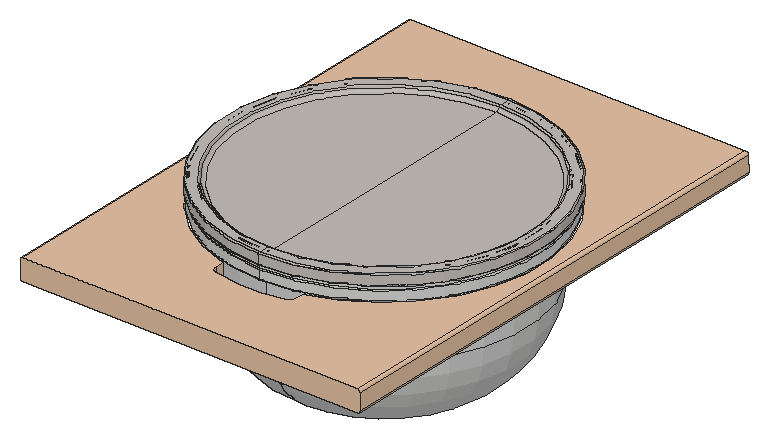
Revit family "Accessory-Bowl_Set-KOHLER-K-37922-1", category Specialty Equipment, host Face, Revit 2022
Family settings
  Host = Face
  Round Connector Dimension = Use Diameter
  Part Type = Normal
  OmniClass Number = 23.31.25.00
  Cut with Voids When Loaded = No
  Maintain Annotation Orientation = No
  Shared = No
  Room Calculation Point = No
Parameters (values of type "MPL, NA-Stainless")
  Width = 11 1/2"  # constant formula
  WaterSense Certified = 1 = 0  # no
  URL = "https://www.us.kohler.com/us/"
  Type = 3
  Secondary Finish = Kohler-Wood-1WR-Natural_Maple
  Product Page URL = "http://www.us.kohler.com/us/catalog/productDetails.jsp?productNumber=37922-WHK"
  Product Name = ""
  Product Documentation Link = "https://www.us.kohler.com/webassets/kpna/catalog/pdf/en/K-37922-WHK_spec_US-CA_Kohler_en.pdf"
  Model = if(Type = 1, "K-37922-PAP-NA", if(Type = 2, "K-37922-WAL-NA", if(Type = 3, "K-37922-WHK-NA", "NA")))  # "K-37922-WHK-NA"
  Material = "Stainless Steel"  # constant formula
  Master Format 2014 Name = "Toilet, Bath, and Laundry Accessories"  # constant formula
  Master Format 2014 = "10 28 00"  # constant formula
  Manufacturer Address = "444 Highland Dr, Kohler, WI 53044"  # constant formula
  Manufacturer = "Kohler Co."  # constant formula
  Length = 16.39016"  # constant formula
  Height = 6.02323"  # constant formula
  Finish = Kohler-Metal-NA-Stainless
  Environmental Product Declaration = ""
  Description = "Salad Bowl Set"  # constant formula
  Default Elevation = 42"
  Declare Label = ""
  Date Modified = "15/12/2024"  # constant formula
  Date Created = "15/12/2024"  # constant formula
  Copyright = "Copyright Kohler Co."  # constant formula
  Contact Us = "https://www.us.kohler.com/us/static/contact.jsp"
  Assembly Code = "C1030200"
  ADA Compliant = 1 = 0  # no
Types (5): name | Type | Secondary Finish | Product Page URL | Product Documentation Link | Model
  (no name) | 3 | Kohler-Wood-1WR-Natural_Maple | "http://www.us.kohler.com/us/catalog/productDetails.jsp?productNumber=37922-WHK" | "https://www.us.kohler.com/webassets/kpna/catalog/pdf/en/K-37922-WHK_spec_US-CA_Kohler_en.pdf" | "K-37922-WHK-NA"
  PAP, NA-Stainless Steel | 1 | KOHLER-Paper_Composite-Slate-Black | "http://www.us.kohler.com/us/catalog/productDetails.jsp?productNumber=37922-PAP" | "https://www.us.kohler.com/webassets/kpna/catalog/pdf/en/K-37922-PAP_spec_US-CA_Kohler_en.pdf" | "K-37922-PAP-NA"
  WAL, NA-Stainless Steel | 2 | Kohler-Wood-Walnut | "http://www.us.kohler.com/us/catalog/productDetails.jsp?productNumber=37922-WAL" | "https://www.us.kohler.com/webassets/kpna/catalog/pdf/en/K-37922-WAL_spec_US-CA_Kohler_en.pdf" | "K-37922-WAL-NA"
  WHK, NA-Stainless Steel | 3 | Kohler-Wood-White_Oak | "http://www.us.kohler.com/us/catalog/productDetails.jsp?productNumber=37922-WHK" | "https://www.us.kohler.com/webassets/kpna/catalog/pdf/en/K-37922-WHK_spec_US-CA_Kohler_en.pdf" | "K-37922-WHK-NA"
  MPL, NA-Stainless | 3 | Kohler-Wood-1WR-Natural_Maple | "http://www.us.kohler.com/us/catalog/productDetails.jsp?productNumber=37922-WHK" | "https://www.us.kohler.com/webassets/kpna/catalog/pdf/en/K-37922-WHK_spec_US-CA_Kohler_en.pdf" | "K-37922-WHK-NA"
Reference planes (in)
  plane 1 "Center (Front/Back)": y = 0
  plane 2: z = 0
  plane 3 "Center (Left/Right)": x = 0
  plane 4: z = 5.15447
  plane 5: z = 4.4343
  plane 6: z = 6.02323
  plane 7: x = -5.75
  plane 8: x = 5.75
  plane 9: y = 8.19508
  plane 10: y = -8.19508
Dimensions and locks (in)
  "Width": plane 7 to plane 8
  "Length": plane 9 to plane 10
  equal spacing: plane 9, plane 1 "Center (Front/Back)", plane 10
  equal spacing: plane 7, plane 3 "Center (Left/Right)", plane 8
  plane 4 to plane 5 = 0.72017"
  "Height": plane 6 to level
  aligned and locked: plane 2 to host face
  aligned and locked: level to host face
  aligned and locked: plane 3 "Center (Left/Right)" to nested 1
  aligned and locked: plane 1 "Center (Front/Back)" to nested 1
Automatic sketch dimensions
  host sketch curve to host sketch curve = 96"  (x2)
Nested families (in)
  nested 1: "K-37922" at (0, 0, 0), type "K-37922"
Definition of nested family "K-37922"
  Parameters (values of type "K-37922")
    Secondary Finish = none
    Material = none
    Default Elevation = 0"
  Reference planes (in)
    plane 1 "Center (Front/Back)": y = 0
    plane 2: z = 0
    plane 3 "Center (Left/Right)": x = 0
    plane 4: z = 5.15447
    plane 5: z = 6.02316
    plane 6: x = -5.75006
    plane 7: x = 5.75006
    plane 8: z = 4.4343
    plane 9: y = 8.19509
    plane 10: y = 5.31083
    plane 11: y = -8.19509
    plane 12: y = -5.31083
  Forms (in)
    Extrusion 1, solid, material <- "Secondary Finish", detail levels medium+fine
      sketch origin (0, 0, 0) x (1, 0, 0) y (0, 0, 1)
        loop
          arc (-5.65011, 5.15447) -> (-5.72116, 5.12503) -> (-5.75059, 5.05398) r 0.10049
          line (-5.75059, 5.05398) -> (-5.75059, 4.53629)
          arc (-5.75059, 4.53629) -> (-5.72072, 4.46417) -> (-5.6486, 4.4343) r 0.10199
          line (-5.6486, 4.4343) -> (5.64769, 4.4343)
          arc (5.64769, 4.4343) -> (5.72008, 4.46428) -> (5.75006, 4.53666) r 0.10236
          line (5.75006, 4.53666) -> (5.75006, 5.0521)
          arc (5.75006, 5.0521) -> (5.72008, 5.12448) -> (5.64769, 5.15447) r 0.10236
          line (5.64769, 5.15447) -> (-5.65011, 5.15447)
      from -8.19509 to 8.19509
    Extrusion 2, void
      sketch origin (0, 0, 0) x (1, 0, 0) y (0, 1, 0)
        loop
          arc (-1.34376, 5.13516) -> (-5.30806, 0) -> (-1.34376, -5.13516) r 5.30806
          line (-1.34376, -5.13516) -> (-1.34376, -5.42197)
          arc (-1.34376, -5.42197) -> (-1.28943, -5.57523) -> (-1.15071, -5.66005) r 0.24333
          arc (-1.15071, -5.66005) -> (0.01792, -5.77955) -> (1.18547, -5.64995) r 5.54003
          arc (1.18547, -5.64995) -> (1.30031, -5.56074) -> (1.34376, -5.42197) r 0.24333
          line (1.34376, -5.42197) -> (1.34376, -5.13516)
          arc (1.34376, -5.13516) -> (5.30806, 0) -> (1.34376, 5.13516) r 5.30806
          line (1.34376, 5.13516) -> (1.34376, 5.42197)
          arc (1.34376, 5.42197) -> (1.30031, 5.56074) -> (1.18547, 5.64995) r 0.24333
          arc (1.18547, 5.64995) -> (0.01792, 5.77955) -> (-1.15071, 5.66005) r 5.54003
          arc (-1.15071, 5.66005) -> (-1.28943, 5.57523) -> (-1.34376, 5.42197) r 0.24333
          line (-1.34376, 5.42197) -> (-1.34376, 5.13516)
      from 4.01886 to 6.48618
    Revolve 3, solid
      sketch origin (0, 0, 0) x (0, 1, 0) y (0, 0, 1)
        loop
          line (5.27419, 6.02288) -> (4.9265, 6.02288)
          arc (4.9265, 6.02288) -> (4.89227, 6.01035) -> (4.87422, 5.97869) r 0.05301
          arc (4.87422, 5.97869) -> (4.82803, 5.89765) -> (4.74043, 5.86558) r 0.13569
          line (4.74043, 5.86558) -> (0, 5.86558) -> (0, 5.77585) -> (4.75974, 5.77585)
          arc (4.75974, 5.77585) -> (4.8647, 5.80761) -> (4.93442, 5.89224) r 0.18927
          arc (4.93442, 5.89224) -> (4.95373, 5.91567) -> (4.98278, 5.92446) r 0.0524
          line (4.98278, 5.92446) -> (5.20005, 5.92446)
          arc (5.20005, 5.92446) -> (5.23153, 5.91142) -> (5.24457, 5.87995) r 0.04452
          line (5.24457, 5.87995) -> (5.24457, 5.64878) -> (5.2869, 5.64878)
          arc (5.2869, 5.64878) -> (5.30148, 5.65481) -> (5.30751, 5.66939) r 0.02061
          line (5.30751, 5.66939) -> (5.30751, 5.98956)
          arc (5.30751, 5.98956) -> (5.29776, 6.01312) -> (5.27419, 6.02288) r 0.03332
        axis (0, 5.64878) -> (0, 6.02288)
      angle from 0 to 360
    Revolve 4, solid, material <- "Material", detail levels medium+fine
      sketch origin (0, 0, 0) x (0, 1, 0) y (0, 0, 1)
        loop
          arc (5.24413, 5.87857) -> (5.23067, 5.91107) -> (5.19818, 5.92453) r 0.04595
          line (5.19818, 5.92453) -> (4.97941, 5.92453)
          arc (4.97941, 5.92453) -> (4.94641, 5.91153) -> (4.93115, 5.87952) r 0.04838
          line (4.93115, 5.87952) -> (4.76084, 3.44404)
          arc (4.76084, 3.44404) -> (3.76693, 1.36027) -> (1.61891, 0.51414) r 3.14961
          line (1.61891, 0.51414) -> (0, 0.51414) -> (0, 0.47435) -> (1.72948, 0.47435)
          arc (1.72948, 0.47435) -> (3.8291, 1.30141) -> (4.80061, 3.33823) r 3.07863
          line (4.80061, 3.33823) -> (4.97816, 5.87734) -> (5.19512, 5.87734) -> (5.19512, 5.54092) -> (5.24413, 5.54092) -> (5.24413, 5.87857)
        axis (0, 0.47435) -> (0, 5.92453)
      angle from 0 to 360
    Revolve 5, solid, material <- "Material", detail levels medium+fine
      sketch origin (0, 0, 0) x (0, 1, 0) y (0, 0, 1)
        loop
          arc (5.24464, 5.48815) -> (5.22918, 5.52546) -> (5.19187, 5.54092) r 0.05277
          line (5.19187, 5.54092) -> (5.02597, 5.54092)
          arc (5.02597, 5.54092) -> (4.987, 5.52557) -> (4.96897, 5.48777) r 0.05714
          line (4.96897, 5.48777) -> (4.80313, 3.11622)
          arc (4.80313, 3.11622) -> (3.75942, 0.92802) -> (1.50375, 0.03949) r 3.30744
          line (1.50375, 0.03949) -> (0, 0.03949) -> (0, 0) -> (1.5086, 0)
          arc (1.5086, 0) -> (3.79267, 0.90069) -> (4.84724, 3.11792) r 3.34646
          line (4.84724, 3.11792) -> (5.01033, 5.50036) -> (5.2047, 5.50036) -> (5.2047, 5.17498)
          arc (5.2047, 5.17498) -> (5.22467, 5.15501) -> (5.24464, 5.17498) r 0.01997
          line (5.24464, 5.17498) -> (5.24464, 5.48815)
        axis (0, 5.54092) -> (0, 0)
      angle from 0 to 360
    Extrusion 6, solid, material <- "Secondary Finish", detail levels coarse
      sketch origin (0, 0, 0) x (1, 0, 0) y (0, 1, 0)
        loop
          arc (-1.34376, 5.1351) -> (-5.30806, -0.00005) -> (-1.34376, -5.13521) r 5.30806
          line (-1.34376, -5.13521) -> (-1.34376, -5.42202)
          arc (-1.34376, -5.42202) -> (-1.28943, -5.57528) -> (-1.15071, -5.6601) r 0.24333
          arc (-1.15071, -5.6601) -> (0.01792, -5.7796) -> (1.18547, -5.65) r 5.54003
          arc (1.18547, -5.65) -> (1.30031, -5.56079) -> (1.34376, -5.42202) r 0.24333
          line (1.34376, -5.42202) -> (1.34376, -5.13521)
          arc (1.34376, -5.13521) -> (5.30806, -0.00005) -> (1.34376, 5.1351) r 5.30806
          line (1.34376, 5.1351) -> (1.34376, 5.42192)
          arc (1.34376, 5.42192) -> (1.30031, 5.56069) -> (1.18547, 5.6499) r 0.24333
          arc (1.18547, 5.6499) -> (0.01792, 5.7795) -> (-1.15071, 5.66) r 5.54003
          arc (-1.15071, 5.66) -> (-1.28943, 5.57518) -> (-1.34376, 5.42192) r 0.24333
          line (-1.34376, 5.42192) -> (-1.34376, 5.1351)
        loop
          line (-5.75006, 8.19509) -> (-5.75006, -8.19509) -> (5.75006, -8.19509) -> (5.75006, 8.19509) -> (-5.75006, 8.19509)
      from 4.4343 to 5.15447
    Revolve 7, solid, material <- "Material", detail levels coarse
      sketch origin (0, 0, 0) x (0, 1, 0) y (0, 0, 1)
        loop
          line (5.24464, 5.54092) -> (4.97269, 5.54092) -> (4.75412, 2.41533)
          arc (4.75412, 2.41533) -> (3.94817, 0.72561) -> (2.20635, 0.03949) r 2.554
          line (2.20635, 0.03949) -> (0, 0.03949) -> (0, 0) -> (2.21344, 0)
          arc (2.21344, 0) -> (3.98238, 0.69755) -> (4.7991, 2.41471) r 2.59171
          line (4.7991, 2.41471) -> (5.01033, 5.50036) -> (5.2047, 5.50036) -> (5.2047, 5.17498)
          arc (5.2047, 5.17498) -> (5.22467, 5.15501) -> (5.24464, 5.17498) r 0.01997
          line (5.24464, 5.17498) -> (5.24464, 5.54092)
        axis (0, 5.54092) -> (0, 0)
      angle from 0 to 360
    Revolve 8, solid, material <- "Material", detail levels coarse
      sketch origin (0, 0, 0) x (0, 1, 0) y (0, 0, 1)
        loop
          line (5.24413, 5.92453) -> (4.93429, 5.92453) -> (4.71666, 2.81227)
          arc (4.71666, 2.81227) -> (3.93707, 1.17782) -> (2.25222, 0.51414) r 2.47047
          line (2.25222, 0.51414) -> (0, 0.51414) -> (0, 0.47435) -> (2.32634, 0.47435)
          arc (2.32634, 0.47435) -> (3.98944, 1.12947) -> (4.75898, 2.74282) r 2.43858
          line (4.75898, 2.74282) -> (4.97816, 5.87734) -> (5.19512, 5.87734) -> (5.19512, 5.54092) -> (5.24413, 5.54092) -> (5.24413, 5.92453)
        axis (0, 0.47435) -> (0, 5.92453)
      angle from 0 to 360
  Cuts and joins
    Extrusion 2 cuts Extrusion 1
  Lines and regions (in)
    Masking region 1
      outline origin (0, 0, 0) x (1, 0, 0) y (0, 0, 1)
        loop
          line (-5.24457, 5.64878) -> (-5.24457, 5.54092) -> (-5.19512, 5.54092)
          arc (-5.19512, 5.54092) -> (-5.23035, 5.52337) -> (-5.24457, 5.48667) r 0.05448
          line (-5.24457, 5.48667) -> (-5.24457, 5.18082)
          arc (-5.24457, 5.18082) -> (-5.24048, 5.1656) -> (-5.22933, 5.15447) r 0.03041
          line (-5.22933, 5.15447) -> (-5.64957, 5.15447)
          arc (-5.64957, 5.15447) -> (-5.72062, 5.12503) -> (-5.75006, 5.05398) r 0.10049
          line (-5.75006, 5.05398) -> (-5.75006, 4.53629)
          arc (-5.75006, 4.53629) -> (-5.72018, 4.46417) -> (-5.64806, 4.4343) r 0.10199
          line (-5.64806, 4.4343) -> (-4.93711, 4.4343) -> (-4.84472, 3.11302)
          arc (-4.84472, 3.11302) -> (-3.78869, 0.89901) -> (-1.50642, 0) r 3.34646
          line (-1.50642, 0) -> (1.50642, 0)
          arc (1.50642, 0) -> (3.78869, 0.89901) -> (4.84472, 3.11302) r 3.34646
          line (4.84472, 3.11302) -> (4.93711, 4.4343) -> (5.64806, 4.4343)
          arc (5.64806, 4.4343) -> (5.72018, 4.46417) -> (5.75006, 4.53629) r 0.10199
          line (5.75006, 4.53629) -> (5.75006, 5.05398)
          arc (5.75006, 5.05398) -> (5.72062, 5.12503) -> (5.64957, 5.15447) r 0.10049
          line (5.64957, 5.15447) -> (5.22933, 5.15447)
          arc (5.22933, 5.15447) -> (5.24048, 5.1656) -> (5.24457, 5.18082) r 0.03041
          line (5.24457, 5.18082) -> (5.24457, 5.48667)
          arc (5.24457, 5.48667) -> (5.23035, 5.52337) -> (5.19512, 5.54092) r 0.05448
          line (5.19512, 5.54092) -> (5.24457, 5.54092) -> (5.24457, 5.64878) -> (5.28588, 5.64878)
          arc (5.28588, 5.64878) -> (5.30128, 5.65516) -> (5.30766, 5.67056) r 0.02179
          line (5.30766, 5.67056) -> (5.30766, 5.98939)
          arc (5.30766, 5.98939) -> (5.29777, 6.01327) -> (5.27389, 6.02316) r 0.03377
          line (5.27389, 6.02316) -> (-5.27389, 6.02316)
          arc (-5.27389, 6.02316) -> (-5.29777, 6.01327) -> (-5.30766, 5.98939) r 0.03377
          line (-5.30766, 5.98939) -> (-5.30766, 5.67056)
          arc (-5.30766, 5.67056) -> (-5.30128, 5.65516) -> (-5.28588, 5.64878) r 0.02179
          line (-5.28588, 5.64878) -> (-5.24457, 5.64878)
    Masking region 2
      outline origin (0, 0, 0) x (0, 1, 0) y (0, 0, 1)
        loop
          line (5.24457, 5.64878) -> (5.28588, 5.64878)
          arc (5.28588, 5.64878) -> (5.30128, 5.65516) -> (5.30766, 5.67056) r 0.02179
          line (5.30766, 5.67056) -> (5.30766, 5.98939)
          arc (5.30766, 5.98939) -> (5.29777, 6.01327) -> (5.27389, 6.02316) r 0.03377
          line (5.27389, 6.02316) -> (-5.27389, 6.02316)
          arc (-5.27389, 6.02316) -> (-5.29777, 6.01327) -> (-5.30766, 5.98939) r 0.03377
          line (-5.30766, 5.98939) -> (-5.30766, 5.67056)
          arc (-5.30766, 5.67056) -> (-5.30128, 5.65516) -> (-5.28588, 5.64878) r 0.02179
          line (-5.28588, 5.64878) -> (-5.24457, 5.64878) -> (-5.24457, 5.54092) -> (-5.19512, 5.54092)
          arc (-5.19512, 5.54092) -> (-5.23035, 5.52337) -> (-5.24457, 5.48667) r 0.05448
          line (-5.24457, 5.48667) -> (-5.24457, 5.18082)
          arc (-5.24457, 5.18082) -> (-5.24048, 5.1656) -> (-5.22933, 5.15447) r 0.03041
          line (-5.22933, 5.15447) -> (-8.19509, 5.15447) -> (-8.19509, 4.4343) -> (-4.93711, 4.4343) -> (-4.84472, 3.11302)
          arc (-4.84472, 3.11302) -> (-3.78869, 0.89901) -> (-1.50642, 0) r 3.34646
          line (-1.50642, 0) -> (1.50642, 0)
          arc (1.50642, 0) -> (3.78869, 0.89901) -> (4.84472, 3.11302) r 3.34646
          line (4.84472, 3.11302) -> (4.93711, 4.4343) -> (8.19509, 4.4343) -> (8.19509, 5.15447) -> (5.22933, 5.15447)
          arc (5.22933, 5.15447) -> (5.24048, 5.1656) -> (5.24457, 5.18082) r 0.03041
          line (5.24457, 5.18082) -> (5.24457, 5.48667)
          arc (5.24457, 5.48667) -> (5.23035, 5.52337) -> (5.19512, 5.54092) r 0.05448
          line (5.19512, 5.54092) -> (5.24457, 5.54092) -> (5.24457, 5.64878)
    Masking region 3
      outline origin (0, 0, 0) x (1, 0, 0) y (0, 1, 0)
        loop
          line (-5.75006, 8.19509) -> (-5.75006, -8.19509) -> (5.75006, -8.19509) -> (5.75006, 8.19509) -> (-5.75006, 8.19509)
        loop
          arc (-1.15071, -5.66005) -> (0.01792, -5.77955) -> (1.18547, -5.64995) r 5.54003
          arc (1.18547, -5.64995) -> (1.30031, -5.56074) -> (1.34376, -5.42197) r 0.24333
          line (1.34376, -5.42197) -> (1.34376, -5.13516)
          arc (1.34376, -5.13516) -> (0, -5.30806) -> (-1.34376, -5.13516) r 5.30806
          line (-1.34376, -5.13516) -> (-1.34376, -5.42197)
          arc (-1.34376, -5.42197) -> (-1.28943, -5.57523) -> (-1.15071, -5.66005) r 0.24333
        loop
          arc (-1.15071, 5.66005) -> (-1.28943, 5.57523) -> (-1.34376, 5.42197) r 0.24333
          line (-1.34376, 5.42197) -> (-1.34376, 5.13516)
          arc (-1.34376, 5.13516) -> (0, 5.30806) -> (1.34376, 5.13516) r 5.30806
          line (1.34376, 5.13516) -> (1.34376, 5.42197)
          arc (1.34376, 5.42197) -> (1.30031, 5.56074) -> (1.18547, 5.64995) r 0.24333
          arc (1.18547, 5.64995) -> (0.01792, 5.77955) -> (-1.15071, 5.66005) r 5.54003
    symbolic lines, detail levels medium+fine
      curve 1: line (-5.22933, 0, 5.15447) -> (5.22933, 0, 5.15447)
      curve 2: line (4.93711, 0, 4.4343) -> (-4.93711, 0, 4.4343)
      curve 3: line (-5.24457, 0, 5.64878) -> (5.24457, 0, 5.64878)
      curve 4: line (5.19512, 0, 5.54092) -> (-5.19512, 0, 5.54092)
      curve 5: line (0, 5.24457, 5.64878) -> (0, -5.24457, 5.64878)
      curve 6: line (0, -5.19512, 5.54092) -> (0, 5.19512, 5.54092)
      curve 7: line (0, 4.93711, 4.4343) -> (0, -4.93711, 4.4343)
      curve 8: line (0, -5.22933, 5.15447) -> (0, 5.22933, 5.15447)
      curve 9: circle (0, 0, 0) r 4.87658 normal (0, 0, 1)
      curve 10: arc (-1.34376, 5.13516, 0) -> (-5.30806, 0, 0) -> (-1.34376, -5.13516, 0) r 5.30806
      curve 11: arc (1.34376, 5.13516, 0) -> (5.30806, 0, 0) -> (1.34376, -5.13516, 0) r 5.30806
      curve 12: line (5.64769, 8.19509, 0) -> (5.64769, -8.19509, 0)
      curve 13: line (-5.6486, 8.19509, 0) -> (-5.6486, -8.19509, 0)
  Dimensions and locks (in)
    aligned and locked: plane 2 to level
